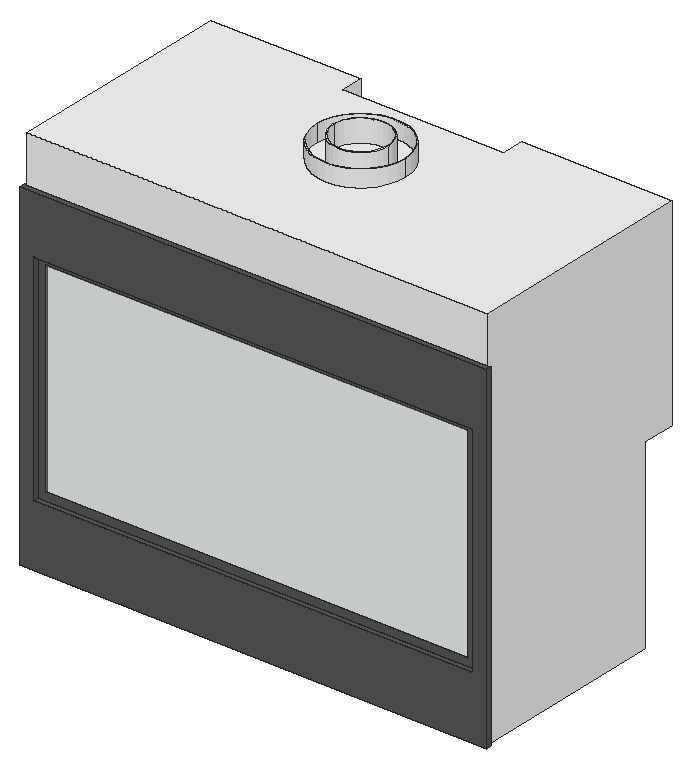
Revit family "P42DF", category Generic Models, Revit 2019
Family settings
  Can host rebar = No
  Round Connector Dimension = Use Diameter
  Part Type = Normal
  Work Plane-Based = No
  Always vertical = Yes
  Cut with Voids When Loaded = No
  Shared = No
  Room Calculation Point = No
Parameters
  Width = 12 5/16"
  URL = "https://www.montigo.com/"
  Model = ""
  Manufacturer Fax = ""
  Manufacturer Website = "https://www.montigo.com/"
  Manufacturer Phone - Toll Free = "800-378-3115"
  Manufacturer Phone = ""
  Manufacturer Address = "27342 Gloucester Way  Langley, BC, Canada   V4W 4A1"
  Manufacturer = "Montigo"
  Length = 53 7/16"
  Keynote = ""
  Glazing Tint = Glass - Montigo - Tint as Specified
  Frame Material = Metal - Montigo - Black
  Firebox Material = Metal - Montigo - White
  Fire Place Length = 50 5/16"
  Fire Place Height = 24 1/2"
  Fire Place - Opening = 16 9/16"
  Description = "Montigo Fireplace as Specified"
  Base Height = 6 9/16"
Reference planes (in)
  plane 1 "Center (Front/Back)": y = 0
  plane 2: z = 0
  plane 3 "Center (Left/Right)": x = 0
Forms (in)
  Extrusion 1, solid, material "Metal - Montigo - White" <- "Firebox Material"
    sketch origin (0, 0, 0) x (1, 0, 0) y (0, 1, 0)
      loop
        line (-20.75177, 0) -> (20.75177, 0) -> (20.75177, 20.655) -> (7.25177, 20.655) -> (7.25177, 18.6285) -> (-7.25177, 18.6285) -> (-7.25177, 20.655) -> (-20.75177, 20.655) -> (-20.75177, 0)
    from 16.6474 to 34.7679
  Extrusion 2, solid, material "Metal - Montigo - Black" <- "Frame Material"
    sketch origin (42.25, -6.4375, 0) x (-1, 0, 0) y (0, 0, -1)
      loop
        line (63.266, 0) -> (21.235, 0) -> (21.235, -30.5409) -> (63.266, -30.5409) -> (63.266, 0)
      loop
        line (22.5, -25.35731) -> (62, -25.35731) -> (62, -5.6629) -> (22.5, -5.6629) -> (22.5, -25.35731)
    from -6.4375 to -5.9375
  Extrusion 3, solid, material "Glass - Montigo - Tint as Specified" <- "Glazing Tint"
    sketch origin (42.25, -6.4375, 0) x (-1, 0, 0) y (0, 0, -1)
      loop
        line (23.25, -24.7879) -> (61.25, -24.7879) -> (61.25, -6.4129) -> (23.25, -6.4129) -> (23.25, -24.7879)
    from -6.4375 to -6.375
  Extrusion 4, solid, material "Metal - Montigo - Black" <- "Frame Material"
    sketch origin (42.25, -6.4375, 0) x (-1, 0, 0) y (0, 0, -1)
      loop
        line (22.5, -25.35731) -> (62, -25.35731) -> (62, -5.6629) -> (22.5, -5.6629) -> (22.5, -25.35731)
      loop
        line (61.25, -24.7879) -> (61.25, -6.4129) -> (23.25, -6.4129) -> (23.25, -24.7879) -> (61.25, -24.7879)
    from -6.4375 to -6.375
  Extrusion 5, solid, material "Metal - Montigo - White" <- "Firebox Material"
    sketch origin (0, 0, 0) x (1, 0, 0) y (0, 1, 0)
      loop
        line (-20.75177, 0) -> (20.75177, 0) -> (20.75177, 17.6285) -> (-20.75177, 17.6285) -> (-20.75177, 0)
    from 0 to 17.75
Cuts and joins
  joined: Extrusion 1, Extrusion 5
Dimensions and locks (in)
  plane 1 "Center (Front/Back)" to Extrusion 1 = 20.655"
  Extrusion 1 to nested 1 = 9.0375"
  nested 4 to level = 27 5/16"
  Extrusion 1 to Extrusion 1 to level = 18.1205", 16.6474"
  cut or joined group of Extrusion 1, Extrusion 5 to cut or joined group of Extrusion 1, Extrusion 5 = 41.50353"
  Extrusion 2 to Extrusion 2 = 42.031"
  cut or joined group of Extrusion 1, Extrusion 5 to plane 1 "Center (Front/Back)" = 17.6285"
  cut or joined group of Extrusion 1, Extrusion 5 to level = 34.7679"
  Extrusion 2 to level = 30.5409"
  aligned and locked: level to plane 2
  aligned and locked: nested 4 to plane 3 "Center (Left/Right)"
  aligned and locked: nested 3 to plane 3 "Center (Left/Right)"
  aligned and locked: nested 1 to plane 3 "Center (Left/Right)"
  aligned and locked: nested 4 to nested 2
  aligned and locked: nested 2 to nested 1
Nested families (in)
  nested 1: "Duct Dia" at (0, 11.6175, 34.7679) x (-1, 0, 0) z (0, 0, 1), type "5""
    with Intake Duct Dia 5", Intake Diameter 4 7/8", Height 2"
  nested 2: "Duct Dia" at (0, 11.6175, 34.7679) x (-1, 0, 0) z (0, 0, 1), type "8""
    with Intake Duct Dia 8", Intake Diameter 7 7/8", Height 1 1/2"
  nested 3: "Duct Dia" at (0, 18.6285, 27.3125) x (-1, 0, 0) z (0, 1, 0), type "5""
    with Intake Duct Dia 5", Intake Diameter 4 7/8", Height 2"
  nested 4: "Duct Dia" at (0, 18.6285, 27.3125) x (-1, 0, 0) z (0, 1, 0), type "8""
    with Intake Duct Dia 8", Intake Diameter 7 7/8", Height 1 1/2"
Connectors (in)
  hvac at (0, 11.6175, 36.7679)
    settings: on nested 1, index 4, duct flow 0.0 L/s, flow factor 0, pres drop 0.0 Pa, loss coef 0, conn angle 0.00°, conn width 304.8 mm, conn height 304.8 mm, conn diameter 127 mm, duct sys type 3, conn prof type 0, flow config 0, flow direction 0, loss method 0, conn ref index -1, conn util no, is conn primary yes, conn desc ""
  hvac at (0, 11.6175, 36.2679)
    settings: on nested 2, index 5, duct flow 0.0 L/s, flow factor 0, pres drop 0.0 Pa, loss coef 0, conn angle 0.00°, conn width 304.8 mm, conn height 304.8 mm, conn diameter 203.2 mm, duct sys type 3, conn prof type 0, flow config 0, flow direction 0, loss method 0, conn ref index -1, conn util no, is conn primary no, conn desc ""
Definition of nested family "Duct Dia"
  Parameters (values of type "15 7/8" Dia.")
    Intake Duct Dia = 15 7/8"
    Intake Diameter = Intake Duct Dia - 1/8"  # 15 3/4"
    Height = 4"
    Firebox Material = none
    Default Elevation = 48"
  Types (12): name | Intake Duct Dia | Intake Diameter | Height
    9 7/8" Dia. | 9 7/8" | 9 3/4" | 4"
    7 7/8" Dia | 7 7/8" | 7 3/4" | 4"
    8 1/8" Dia | 8 1/8" | 8" | 1/4"
    11 3/4" Dia | 11 3/4" | 11 5/8" | 4"
    4" Dia | 10" | 9 7/8" | 4"
    7 3/4" Dia | 7 3/4" | 7 5/8" | 4"
    6 7/8" Dia | 6 7/8" | 6 3/4" | 1/4"
    9 3/4" Dia. | 9 3/4" | 9 5/8" | 4"
    7 1/8" Dia | 7 1/8" | 7" | 1/4"
    11 7/8" Dia. | 11 7/8" | 11 3/4" | 4"
    13 7/8" Dia. | 13 7/8" | 13 3/4" | 4"
    15 7/8" Dia. | 15 7/8" | 15 3/4" | 4"
  Reference planes (in)
    plane 1 "Center (Front/Back)": y = 0
    plane 2: z = 0
    plane 3 "Center (Left/Right)": x = 0
    plane 4: z = 4
  Forms (in)
    Extrusion 1, solid
      sketch origin (0, 0, 0) x (1, 0, 0) y (0, 1, 0)
        loop
          line (-48, 48) -> (-48, -48) -> (48, -48) -> (48, 48) -> (-48, 48)
      from 0 to -12
    Extrusion 2, solid, material <- "Firebox Material"
      sketch origin (0, 0, 0) x (1, 0, 0) y (0, 1, 0)
        loop
          circle (0, 0) r 7.9375
        loop
          circle (0, 0) r 7.875
      from 0 to 4
  Dimensions and locks (in)
    "Height": plane 4 to level
    "Intake Duct Dia": diameter of Extrusion 2 sketch curve
    "Intake Diameter": diameter of Extrusion 2 sketch curve
    aligned and locked: plane 2 to Extrusion 1
    aligned and locked: level to Extrusion 1
    aligned and locked: plane 4 to Extrusion 2
  Automatic sketch dimensions
    Extrusion 1 sketch curve to Extrusion 1 sketch curve = 96"  (x2)
    Extrusion 2 sketch curve to Extrusion 2 sketch curve = 0"  (x2)
    plane 1 "Center (Front/Back)" to Extrusion 2 sketch curve = 0"
    Extrusion 2 sketch curve to plane 3 "Center (Left/Right)" = 0"
